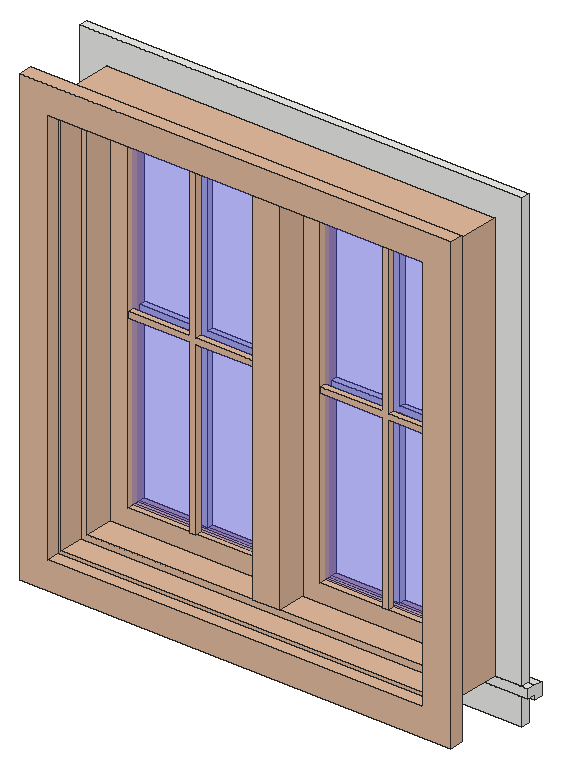
Revit family "M_Janela-Batente-Duplo", category Janelas, Revit 2019
Family settings
  Hospedeiro = Parede
  Número OmniClass = 23.30.20.17.21.14
  Título OmniClass = Casement Windows
  Sempre na vertical = Sim
  Corte com vazios quando carregada = Não
  Compartilhado = Não
  Ponto de cálculo do ambiente = Não
Parameters (values of type "850 x 900mm")
  Extensão do quadro [instance] = if(Visibilidade da apara externa, Janela aplicada + 6.35 mm, 6.35 mm)  # 6.35 mm
  Janela aplicada [instance] = 0 mm
  Espessura da parede [instance] = 150 mm
  Fechamento da parede interior [instance] = 54.75 mm
  Material da apara interior = Madeira – Manchada
  Meia largura = Largura / 2  # 425 mm
  Visual Light Transmittance = 0.81
  Resistência térmica (R) = 0.319569 (m²·K)/W
  Solar Heat Gain Coefficient = 0.76
  Largura bruta = Largura + 15 mm  # 865 mm
  Altura bruta = Altura + 15 mm  # 915 mm
  Visibilidade do montante = yes
  Padrão do montante = M_Padrão do montante_2x2 : M_Padrão do montante_2x2
  Visibilidade do recorte interior [instance] = yes
  Recorte interior = M_Moldura-janela-interior-plana : Quadro
  Altura = 900 mm
  Material da moldura interior = Madeira – Manchada
  Coeficiente de transferência de calor (U) = 3.12929 W/(m²·K)
  Material do painel de vidro = Vidro
  Classificação de incêndio = "0.5h"
  Fechamento da parede externa [instance] = 31.8 mm
  Visibilidade da apara externa [instance] = yes
  Material da apara externa = Revestimento – Branco
  Apara externa = M_Recorte-Janela-Exterior-Plana : com peitoril
  Material da moldura exterior = Revestimento – Branco
  Visibilidade do umbral da extensão [instance] = and(Visibilidade do recorte interior, Espessura da parede - Janela aplicada > 95.25 mm)  # yes
  Umbral da extensão [instance] = if(Espessura da parede - Janela aplicada > 95.25 mm, Espessura da parede - Janela aplicada - 95.25 mm, 25.4 mm)  # 54.75 mm
  Altura-padrão do peitoril = 900 mm
  Fechamento da parede = Por hospedeiro
  Largura = 850 mm
  Código de montagem = "B2020100"
  Construção analítica = "Vidraça dupla – residencial"
Reference planes
  plane 1 "Centro (Frente/Trás)": y = 0
  plane 2: z = 0
  plane 3 "Centro (Esquerda/Direita)": x = 0
  plane 4 "Esquerda": x = -425
  plane 5 "Direita": x = 425
  plane 6 "Peitoril": z = 900
  plane 7 "Superior": z = 1800
  plane 8 "Inset Face": y = 75
  plane 9 "Fechamento da parede": y = -20.25
  plane 10 "Face do caixilho": y = 87.7
  plane 11 "Exterior": y = 75
  plane 12: x = 412.3
  plane 13: x = -412.3
  plane 14: z = 1787.3
  plane 15: z = 912.7
  plane 16: x = 355.15
  plane 17: x = -355.15
  plane 18: z = 1730.15
  plane 19: z = 969.85
  plane 20: x = 9.525
  plane 21: x = -9.525
  plane 22: y = 55.95
  plane 23 "Vidro": y = 65.475
  plane 24 "Meio": z = 1350
  plane 25: y = 94.05
  plane 26: y = 94.05
  plane 27 "Interior": y = -75
  plane 28 "Umbral": y = -20.25
  plane 29: x = -30.163
  plane 30: x = 30.162
  plane 31: x = 66.675
  plane 32: x = -66.675
  plane 33: y = -20.25
  plane 34: y = 43.2
  plane 35: y = 94.05
Forms (mm)
  Sweep 1, solid, material "Madeira – Manchada" <- "Material da moldura interior"
    path origin (0, 87.7, 0) x (-1, 0, 0) y (0, 0, 1)
      loop
        line (-425, 900) -> (425, 900) -> (425, 1800) -> (-425, 1800) -> (-425, 900)
    profile origin (425, 87.7, 1350) x (1, 0, 0) y (0, 1, 0)
      loop
        line (0, 6.35) -> (-12.7, 6.35) -> (-12.7, -44.45) -> (-31.75, -44.45) -> (-31.75, -107.95) -> (0, -107.95) -> (0, 6.35)
  Extrusion 2, solid, material "Madeira – Manchada" <- "Material da moldura interior", visible <- "Visibilidade do umbral da extensão"
    sketch origin (0, 0, 0) x (1, 0, 0) y (0, 0, 1)
      loop
        line (425, 1800) -> (-425, 1800) -> (-425, 900) -> (425, 900) -> (425, 1800)
      loop
        line (405.95, 919.05) -> (405.95, 1780.95) -> (-405.95, 1780.95) -> (-405.95, 919.05) -> (405.95, 919.05)
    from 20.25 to 75
  Sweep 3, solid, material "Madeira – Manchada" <- "Material da moldura interior"
    path origin (0, 87.7, 0) x (-1, 0, 0) y (0, 0, 1)
      loop
        line (-412.3, 1787.3) -> (-412.3, 912.7) -> (-9.525, 912.7) -> (-9.525, 1787.3) -> (-412.3, 1787.3)
    profile origin (412.3, 87.7, 1350) x (0, 1, 0) y (-1, 0, 0)
      loop
        line (0, 0) -> (0, 57.15) -> (-44.45, 57.15) -> (-44.45, 0) -> (0, 0)
  Sweep 4, solid, material "Madeira – Manchada" <- "Material da moldura interior"
    path origin (0, 87.7, 0) x (-1, 0, 0) y (0, 0, 1)
      loop
        line (9.525, 912.7) -> (412.3, 912.7) -> (412.3, 1787.3) -> (9.525, 1787.3) -> (9.525, 912.7)
    profile origin (-9.525, 87.7, 1350) x (1, 0, 0) y (0, 1, 0)
      loop
        line (0, 0) -> (-57.15, 0) -> (-57.15, -44.45) -> (0, -44.45) -> (0, 0)
  Extrusion 5, solid, material "Vidro"
    sketch origin (0, 0, 900) x (0, -1, 0) y (1, 0, 0)
      loop
        line (-75, 66.675) -> (-68.65, 66.675) -> (-68.65, 355.15) -> (-75, 355.15) -> (-75, 66.675)
      loop
        line (-55.95, 355.15) -> (-62.3, 355.15) -> (-62.3, 66.675) -> (-55.95, 66.675) -> (-55.95, 355.15)
    from 69.85 to 830.15
  Extrusion 6, solid, material "Vidro"
    sketch origin (-701.675, 0, 900) x (0, -1, 0) y (1, 0, 0)
      loop
        line (-75, 346.525) -> (-68.65, 346.525) -> (-68.65, 635) -> (-75, 635) -> (-75, 346.525)
      loop
        line (-55.95, 635) -> (-62.3, 635) -> (-62.3, 346.525) -> (-55.95, 346.525) -> (-55.95, 635)
    from 69.85 to 830.15
  Extrusion 7, solid, material "Madeira – Manchada" <- "Material da moldura interior"
    sketch origin (0, 0, 900) x (0, -1, 0) y (1, 0, 0)
      loop
        line (-94.05, -9.525) -> (-43.25, -9.525) -> (-43.25, -30.163) -> (20.25, -30.163) -> (20.25, 30.162) -> (-43.25, 30.162) -> (-43.25, 9.525) -> (-94.05, 9.525) -> (-94.05, -9.525)
    from 12.7 to 887.3
  Extrusion 8, void
    sketch origin (0, 0, 0) x (1, 0, 0) y (0, 0, 1)
      loop
        line (30.162, 931.75) -> (-30.163, 931.75) -> (-30.163, 912.7) -> (30.162, 912.7) -> (30.162, 931.75)
      loop
        line (30.162, 1768.25) -> (30.162, 1787.3) -> (-30.163, 1787.3) -> (-30.163, 1768.25) -> (30.162, 1768.25)
    from -43.25 to 20.25
Cuts and joins
  Extrusion 8 cuts Extrusion 7
Lines and regions (mm)
  Opening 1
    outline origin (-1524, -75, 0) x (1, 0, 0) y (0, 0, 1)
      loop
        line (1099, 1800) -> (1099, 900) -> (1949, 900) -> (1949, 1800) -> (1099, 1800)
  Split face 1
    outline origin (355.15, 87.7, 969.85) x (-1, 0, 0) y (0, -1, 0)
      loop
        line (288.475, 12.7) -> (0, 12.7)
  Split face 2
    outline origin (355.15, 87.7, 1730.15) x (0, 0, -1) y (0, -1, 0)
      loop
        line (0, 12.7) -> (760.3, 12.7)
  Split face 3
    outline origin (66.675, 87.7, 969.85) x (0, 0, 1) y (0, -1, 0)
      loop
        line (760.3, 12.7) -> (0, 12.7)
  Split face 4
    outline origin (66.675, 87.7, 1730.15) x (0, -1, 0) y (1, 0, 0)
      loop
        line (12.7, 0) -> (12.7, 288.475)
  Split face 5
    outline origin (-355.15, 43.25, 969.85) x (1, 0, 0) y (0, 1, 0)
      loop
        line (0, 31.75) -> (288.475, 31.75)
  Split face 6
    outline origin (-66.675, 43.25, 969.85) x (0, 0, 1) y (0, 1, 0)
      loop
        line (760.3, 31.75) -> (0, 31.75)
  Split face 7
    outline origin (-355.15, 43.25, 1730.15) x (0, 0, -1) y (0, 1, 0)
      loop
        line (760.3, 31.75) -> (0, 31.75)
  Split face 8
    outline origin (-66.675, 43.25, 1730.15) x (0, 1, 0) y (-1, 0, 0)
      loop
        line (31.75, 288.475) -> (31.75, 0)
  symbolic lines, style "Giro da elevação"
    curve 1: line (9.525, 0, 1787.3) -> (412.3, 0, 1350)
    curve 2: line (412.3, 0, 1350) -> (9.525, 0, 912.7)
    curve 3: line (-9.525, 0, 1787.3) -> (-412.3, 0, 1350)
    curve 4: line (-412.3, 0, 1350) -> (-9.525, 0, 912.7)
Text (mm)
  text "EXTERIOR" at (-1490.695, 1293.036, 0), in view "Nível de referência"
  text "INTERIOR" at (-1490.695, -959.266, 0), in view "Nível de referência"
  text "Exterior" at (0, 1108.87, 3129.179), in view "Esquerda"
  text "Exterior" at (0, 464.664, 3176.206), in view "Direita"
Dimensions and locks
  equal spacing: plane 4 "Esquerda", plane 3 "Centro (Esquerda/Direita)", plane 5 "Direita"
  "Largura": plane 4 "Esquerda" to plane 5 "Direita"
  "Altura": plane 6 "Peitoril" to plane 7 "Superior"
  "Altura-padrão do peitoril": plane 2 to plane 6 "Peitoril"
  locked: plane 10 "Face do caixilho" to plane 8 "Inset Face" at 12.7
  "Espessura da parede": host wall to host wall
  "Janela aplicada": plane 11 "Exterior" to plane 8 "Inset Face"
  locked: Sweep 1 sketch curve to plane 5 "Direita" at 31.75
  locked: Sweep 1 sketch curve to plane 5 "Direita" at 12.7
  locked: plane 10 "Face do caixilho" to Sweep 1 sketch curve at 44.45
  locked: plane 12 to plane 5 "Direita" at 12.7
  locked: plane 4 "Esquerda" to plane 13 at 12.7
  locked: plane 14 to plane 7 "Superior" at 12.7
  locked: plane 6 "Peitoril" to plane 15 at 12.7
  locked: plane 16 to plane 12 at 57.15
  locked: plane 13 to plane 17 at 57.15
  locked: plane 18 to plane 14 at 57.15
  locked: plane 15 to plane 19 at 57.15
  locked: Extrusion 2 sketch curve to plane 7 "Superior" at 19.05
  locked: Extrusion 2 sketch curve to plane 5 "Direita" at 19.05
  locked: Extrusion 2 sketch curve to plane 4 "Esquerda" at 19.05
  locked: plane 6 "Peitoril" to Extrusion 2 sketch curve at 19.05
  equal spacing: plane 21, plane 3 "Centro (Esquerda/Direita)", plane 20
  locked: plane 21 to plane 20 at 19.05
  plane 22 to Sweep 3 = 12.7 mm
  equal spacing: plane 8 "Inset Face", plane 23 "Vidro", plane 22
  locked: plane 8 "Inset Face" to plane 22 at 19.05
  equal spacing: plane 6 "Peitoril", plane 24 "Meio", plane 7 "Superior"
  locked: plane 25 to plane 11 "Exterior" at 19.05
  locked: plane 26 to plane 10 "Face do caixilho" at 6.35
  "Umbral da extensão": plane 28 "Umbral" to plane 27 "Interior"
  locked: plane 8 "Inset Face" to plane 9 "Fechamento da parede" at 95.25
  equal spacing: plane 29, plane 3 "Centro (Esquerda/Direita)", plane 30
  locked: plane 29 to plane 30 at 60.325
  Extrusion 2 to Extrusion 8 = 887.3 mm
  locked: plane 30 to plane 31 at 36.512
  locked: plane 29 to plane 32 at 36.513
  "Fechamento da parede interior": plane 33 to plane 27 "Interior"
  "Fechamento da parede externa": plane 11 "Exterior" to plane 34
  "Extensão do quadro": plane 35 to plane 10 "Face do caixilho"
  aligned and locked: plane 7 "Superior" to Opening 1 sketch curve
  aligned and locked: plane 6 "Peitoril" to Opening 1 sketch curve  (x2)
  aligned and locked: plane 5 "Direita" to Opening 1 sketch curve
  aligned and locked: plane 4 "Esquerda" to Opening 1 sketch curve
  aligned and locked: level to plane 2
  aligned and locked: host wall to plane 11 "Exterior"
  aligned and locked: plane 5 "Direita" to Sweep 1 sketch curve
  aligned and locked: plane 7 "Superior" to Sweep 1 sketch curve
  aligned and locked: Sweep 1 sketch curve to plane 4 "Esquerda"
  aligned and locked: Sweep 1 sketch curve to plane 6 "Peitoril"
  aligned and locked: Extrusion 2 sketch curve to host wall  (x3)
  aligned and locked: plane 7 "Superior" to Extrusion 2 sketch curve
  aligned and locked: host wall to Extrusion 2
  aligned and locked: Sweep 3 sketch curve to plane 12
  aligned and locked: plane 14 to Sweep 3 sketch curve
  aligned and locked: Sweep 3 sketch curve to plane 15
  aligned and locked: plane 16 to Sweep 3 sketch curve
  aligned and locked: plane 10 "Face do caixilho" to Sweep 3 sketch curve
  aligned and locked: plane 20 to Sweep 3 sketch curve
  aligned and locked: plane 21 to Sweep 4 sketch curve
  aligned and locked: plane 15 to Sweep 4 sketch curve
  aligned and locked: Sweep 4 sketch curve to plane 13
  aligned and locked: Sweep 4 sketch curve to plane 14
  aligned and locked: Split face 1 sketch curve to plane 8 "Inset Face"
  aligned and locked: plane 8 "Inset Face" to Split face 2 sketch curve
  aligned and locked: plane 8 "Inset Face" to Split face 3 sketch curve
  aligned and locked: Split face 4 sketch curve to plane 8 "Inset Face"
  aligned and locked: Extrusion 5 sketch curve to plane 8 "Inset Face"
  aligned and locked: plane 16 to Extrusion 5 sketch curve
  aligned and locked: Sweep 3 to Extrusion 5 sketch curve
  aligned and locked: Extrusion 5 sketch curve to plane 22
  aligned and locked: Extrusion 5 sketch curve to plane 16
  aligned and locked: Extrusion 5 sketch curve to Sweep 3
  aligned and locked: plane 18 to Extrusion 5
  aligned and locked: Extrusion 5 to plane 19
  aligned and locked: Extrusion 6 sketch curve to plane 8 "Inset Face"
  aligned and locked: plane 22 to Extrusion 6 sketch curve
  aligned and locked: Sweep 4 to Extrusion 6 sketch curve  (x2)
  aligned and locked: Extrusion 6 sketch curve to plane 17  (x2)
  aligned and locked: plane 19 to nested 1
  aligned and locked: nested 1 to plane 23 "Vidro"
  aligned and locked: plane 23 "Vidro" to nested 2
  aligned and locked: nested 2 to plane 19
  aligned and locked: plane 24 "Meio" to curve 2
  aligned and locked: plane 24 "Meio" to curve 4
  aligned and locked: plane 14 to curve 1
  aligned and locked: plane 14 to curve 3
  aligned and locked: plane 15 to curve 2
  aligned and locked: plane 15 to curve 4
  aligned and locked: plane 18 to Extrusion 6
  aligned and locked: Split face 5 sketch curve to Extrusion 6
  aligned and locked: plane 8 "Inset Face" to Split face 6 sketch curve
  aligned and locked: Split face 7 sketch curve to plane 8 "Inset Face"
  aligned and locked: Split face 8 sketch curve to plane 8 "Inset Face"
  aligned and locked: plane 27 "Interior" to host wall
  aligned and locked: plane 28 "Umbral" to Extrusion 2
  aligned and locked: plane 9 "Fechamento da parede" to Sweep 1
  aligned and locked: Extrusion 7 sketch curve to plane 26
  aligned and locked: Extrusion 7 to Sweep 1
  aligned and locked: Sweep 1 to Extrusion 8 sketch curve
  aligned and locked: plane 30 to Extrusion 8 sketch curve
  aligned and locked: Extrusion 8 sketch curve to Extrusion 7
  aligned and locked: Extrusion 7 to Extrusion 8 sketch curve
  aligned and locked: Extrusion 8 to Sweep 1
  aligned and locked: Sweep 1 to Extrusion 8
  aligned and locked: plane 9 "Fechamento da parede" to Extrusion 7 sketch curve
  aligned and locked: plane 14 to cut or joined group of Extrusion 7, Extrusion 8
  aligned and locked: nested 3 to plane 11 "Exterior"
  aligned and locked: plane 27 "Interior" to nested 3
  aligned and locked: nested 3 to plane 4 "Esquerda"
  aligned and locked: plane 3 "Centro (Esquerda/Direita)" to nested 4
  aligned and locked: nested 4 to plane 11 "Exterior"
  aligned and locked: nested 3 to plane 7 "Superior"
  aligned and locked: nested 4 to plane 7 "Superior"
  aligned and locked: nested 2 to plane 16
  aligned and locked: nested 1 to plane 17
  aligned and locked: plane 18 to nested 1
  aligned and locked: nested 2 to plane 18
  aligned and locked: nested 2 to plane 31
  aligned and locked: nested 1 to plane 32
  aligned and locked: plane 7 "Superior" to nested 6
  aligned and locked: plane 3 "Centro (Esquerda/Direita)" to nested 6
  aligned and locked: plane 7 "Superior" to nested 5
  aligned and locked: nested 5 to plane 3 "Centro (Esquerda/Direita)"
  aligned and locked: plane 35 to Sweep 1 sketch curve
Automatic sketch dimensions
  Sweep 3 sketch curve to profile plane = 0 mm
  Sweep 3 sketch curve to plane 10 "Face do caixilho" = 44.45 mm
  Sweep 4 sketch curve to plane 10 "Face do caixilho" = 0 mm
  Sweep 4 sketch curve to profile plane = 0 mm
  profile plane to Sweep 4 sketch curve = 57.15 mm
  Sweep 4 sketch curve to plane 10 "Face do caixilho" = 44.45 mm
  Split face 1 sketch curve to Sweep 3 = 0 mm  (x2)
  Sweep 3 to Split face 2 sketch curve = 0 mm
  Split face 2 sketch curve to Sweep 3 = 0 mm
  Split face 3 sketch curve to Sweep 3 = 0 mm
  Sweep 3 to Split face 3 sketch curve = 0 mm
  Split face 4 sketch curve to Sweep 3 = 0 mm  (x2)
  plane 23 "Vidro" to Extrusion 5 sketch curve = 3.175 mm
  Extrusion 5 sketch curve to plane 23 "Vidro" = 3.175 mm
  plane 23 "Vidro" to Extrusion 6 sketch curve = 3.175 mm
  Extrusion 6 sketch curve to plane 23 "Vidro" = 3.175 mm
  plane 13 to curve 4 = 0 mm
  plane 21 to curve 3 = 0 mm
  plane 21 to curve 4 = 0 mm
  plane 20 to curve 2 = 0 mm
  plane 20 to curve 1 = 0 mm
  plane 12 to curve 2 = 0 mm
  Split face 5 sketch curve to Sweep 4 = 0 mm  (x2)
  Split face 6 sketch curve to Sweep 4 = 0 mm
  Sweep 4 to Split face 6 sketch curve = 0 mm
  Sweep 4 to Split face 7 sketch curve = 0 mm
  Split face 7 sketch curve to Sweep 4 = 0 mm
  Split face 8 sketch curve to Sweep 4 = 0 mm  (x2)
  Extrusion 7 sketch curve to plane 29 = 0 mm
  Extrusion 7 sketch curve to plane 21 = 0 mm
  Extrusion 7 sketch curve to plane 20 = 0 mm
  Extrusion 7 sketch curve to plane 30 = 0 mm
  Extrusion 7 sketch curve to plane 22 = 12.7 mm  (x2)
  Extrusion 8 sketch curve to plane 14 = 0 mm
  Extrusion 8 sketch curve to plane 29 = 0 mm
  Extrusion 8 sketch curve to plane 30 = 0 mm
  Extrusion 8 sketch curve to plane 14 = 19.05 mm
  Sweep 1 sketch curve to profile plane = 0 mm
  Sweep 1 sketch curve to Sweep 1 sketch curve = 63.5 mm
Nested families
  nested 1: "M_Padrão do montante_2x2" at (-210.913, 65.475, 969.85), type <- "Padrão do montante", Material externo <- "Material da moldura exterior", Material interior <- "Material da moldura interior", visible <- "Visibilidade do montante", type "M_Padrão do montante_2x2"
    with Largura 288.475 mm, Material interior Madeira – Manchada, Altura 760.3 mm, Material externo Revestimento – Branco
  nested 2: "M_Padrão do montante_2x2" at (210.912, 65.475, 969.85) x (-1, 0, 0) z (0, 0, 1), type <- "Padrão do montante", Material externo <- "Material da moldura exterior", Material interior <- "Material da moldura interior", visible <- "Visibilidade do montante", type "M_Padrão do montante_2x2"
    with Largura 288.475 mm, Material interior Madeira – Manchada, Altura 760.3 mm, Material externo Revestimento – Branco
  nested 3: "M_Plano-Batente" at (-212.5, 75, 900), Largura <- "Meia largura", Altura <- "Altura", Janela aplicada <- "Janela aplicada", Espessura da parede <- "Espessura da parede", type "M_Plano-Batente"
    with Janela aplicada de 3D 0 mm, Janela aplicada 0 mm, Largura 425 mm, Espessura da parede 150 mm, Linha superior yes, Linha à direita no, RH no, Linha à esquerda yes, LH yes, Altura 900 mm, Linha inferior yes
  nested 4: "M_Plano-Batente" at (212.5, 75, 900), Largura <- "Meia largura", Altura <- "Altura", Espessura da parede <- "Espessura da parede", Janela aplicada <- "Janela aplicada", type "M_Plano-Batente"
    with Janela aplicada de 3D 0 mm, Janela aplicada 0 mm, Largura 425 mm, Espessura da parede 150 mm, Linha superior yes, Linha à direita yes, RH yes, Linha à esquerda no, LH no, Altura 900 mm, Linha inferior yes
  nested 5: "M_Recorte-Janela-Exterior-Plana" at (0, 75, 1800) x (-1, 0, 0) z (0, 1, 0), visible <- "Visibilidade da apara externa", Material da apara <- "Material da apara externa", Largura da abertura <- "Largura", Altura da abertura <- "Altura", type <- "Apara externa", type "com peitoril"
    with Material da apara Revestimento – Branco, Largura da abertura 850 mm, Altura da abertura 900 mm
  nested 6: "M_Moldura-janela-interior-plana" at (0, -75, 1800) x (1, 0, 0) z (0, -1, 0), visible <- "Visibilidade do recorte interior", Material da apara <- "Material da apara interior", Largura da abertura <- "Largura", Altura da abertura <- "Altura", type <- "Recorte interior", type "Quadro"
    with Material da apara Madeira – Manchada, Largura da abertura 850 mm, Altura da abertura 900 mm
Definition of nested family "M_Padrão do montante_2x2"
  Parameters (values of type "M_Padrão do montante_2x2")
    Largura [instance] = 1200 mm
    Espessura = 12.7 mm
    Altura [instance] = 1200 mm
    Material interior [instance] = none
    Material externo [instance] = none
    Distância = 19.05 mm
  Reference planes
    plane 1 "Centro (Frente/Trás)": y = 0
    plane 2: z = 0
    plane 3 "Centro (Esquerda/Direita)": x = 0
    plane 4: z = 1200
    plane 5: x = -600
    plane 6: x = 600
    plane 7: z = 600
    plane 8: y = 9.525
    plane 9: y = 22.225
    plane 10: y = -9.525
    plane 11: y = -22.225
  Forms (mm)
    Extrusion 1, solid, material <- "Material interior", detail levels fine
      sketch origin (0, 0, 0) x (1, 0, 0) y (0, 0, 1)
        loop
          line (-600, 606.35) -> (-600, 593.65) -> (-6.35, 593.65) -> (-6.35, 0) -> (6.35, 0) -> (6.35, 593.65) -> (600, 593.65) -> (600, 606.35) -> (6.35, 606.35) -> (6.35, 1200) -> (-6.35, 1200) -> (-6.35, 606.35) -> (-600, 606.35)
      from 9.525 to 22.225
    Extrusion 2, solid, material <- "Material externo", detail levels fine
      sketch origin (0, 0, 0) x (1, 0, 0) y (0, 0, -1)
        loop
          line (-600, -606.35) -> (-6.35, -606.35) -> (-6.35, -1200) -> (6.35, -1200) -> (6.35, -606.35) -> (600, -606.35) -> (600, -593.65) -> (6.35, -593.65) -> (6.35, 0) -> (-6.35, 0) -> (-6.35, -593.65) -> (-600, -593.65) -> (-600, -606.35)
      from 9.525 to 22.225
  Lines and regions (mm)
    model lines, detail levels medium
      curve 1: line (0, 9.525, 1200) -> (0, 9.525, 0)
      curve 2: line (-600, -9.525, 600) -> (600, -9.525, 600)
      curve 3: line (-600, 9.525, 600) -> (600, 9.525, 600)
      curve 4: line (0, -9.525, 1200) -> (0, -9.525, 0)
  Dimensions and locks
    equal spacing: plane 6, plane 3 "Centro (Esquerda/Direita)", plane 5
    "Largura": plane 6 to plane 5
    "Altura": plane 4 to plane 2
    equal spacing: plane 4, plane 7, plane 2
    locked: plane 3 "Centro (Esquerda/Direita)" to Extrusion 1 sketch curve at 6.35  (x4)
    locked: Extrusion 1 sketch curve to plane 7 at 6.35  (x2)
    locked: plane 7 to Extrusion 1 sketch curve at 6.35  (x2)
    "Espessura": plane 9 to plane 8
    "Espessura": plane 10 to plane 11
    "Distância": plane 8 to plane 10
    equal spacing: plane 8, plane 1 "Centro (Frente/Trás)", plane 10
    aligned and locked: plane 2 to level
    aligned and locked: plane 4 to curve 1
    aligned and locked: plane 5 to curve 2
    aligned and locked: plane 2 to curve 1
    aligned and locked: plane 6 to curve 2
    aligned and locked: Extrusion 1 sketch curve to plane 4
    aligned and locked: Extrusion 1 sketch curve to plane 6
    aligned and locked: Extrusion 1 sketch curve to plane 5
    aligned and locked: Extrusion 1 sketch curve to level
    aligned and locked: Extrusion 1 to plane 11
    aligned and locked: plane 10 to Extrusion 1
    aligned and locked: Extrusion 2 to plane 5
    aligned and locked: plane 6 to Extrusion 2
    aligned and locked: Extrusion 2 to plane 8
    aligned and locked: plane 9 to Extrusion 2
    aligned and locked: Extrusion 2 to plane 2
    aligned and locked: plane 4 to Extrusion 2
    aligned and locked: plane 5 to curve 3
    aligned and locked: plane 6 to curve 3
    aligned and locked: plane 4 to curve 4
    aligned and locked: plane 2 to curve 4
    aligned and locked: plane 8 to curve 3
  Automatic sketch dimensions
    curve 2 to plane 7 = 0 mm
    Extrusion 2 sketch curve to plane 5 = 0 mm
    Extrusion 2 sketch curve to level = 0 mm
    Extrusion 2 sketch curve to plane 4 = 0 mm
    Extrusion 2 sketch curve to plane 6 = 0 mm
    Extrusion 2 sketch curve to plane 3 "Centro (Esquerda/Direita)" = 6.35 mm  (x2)
    plane 3 "Centro (Esquerda/Direita)" to Extrusion 2 sketch curve = 6.35 mm  (x2)
    plane 7 to Extrusion 2 sketch curve = 6.35 mm  (x2)
    Extrusion 2 sketch curve to plane 7 = 6.35 mm  (x2)
    curve 4 to plane 3 "Centro (Esquerda/Direita)" = 0 mm
    curve 4 to level = 0 mm
    curve 4 to plane 4 = 0 mm
    curve 3 to plane 6 = 0 mm
    curve 1 to plane 3 "Centro (Esquerda/Direita)" = 0 mm
    curve 3 to plane 5 = 0 mm
    curve 3 to plane 7 = 0 mm
Definition of nested family "M_Recorte-Janela-Exterior-Plana"
  Parameters (values of type "com peitoril")
    Largura da apara = 60 mm
    Espessura da apara_Quadro = 30 mm
    Espessura da apara_com peitoril = 19.05 mm
    Material da apara [instance] = none
    Espessura do peitoril = 30 mm
    Peitoril = yes
    Quadro = no
    Largura da abertura [instance] = 600 mm
    Altura da abertura [instance] = 900 mm
    Default Elevation = 1200 mm
  Types (2, lengths in mm): name | Peitoril | Quadro
    com peitoril | yes | no
    Quadro | no | yes
  Reference planes
    plane 1 "Centro (Frente/Trás)": y = 0
    plane 2: z = 0
    plane 3 "Centro (Esquerda/Direita)": x = 0
    plane 4: y = 60
    plane 5 "Esquerda": x = -300
    plane 6 "Direita": x = 300
    plane 7 "Inferior": y = -900
    plane 8: y = -930
    plane 9: y = -980.432
    plane 10: x = 360
    plane 11: x = -360
    plane 12: z = 19.05
    plane 13: z = 30
    plane 14: x = 372.7
    plane 15: x = -372.7
    plane 16: y = -920.432
    plane 17: y = -960
    plane 18: z = 12.7
    plane 19: y = -450
    plane 20: z = 38.1
  Forms (mm)
    Extrusion 1, solid
      sketch origin (0, 0, 0) x (1, 0, 0) y (0, 1, 0)
        loop
          line (-361.95, 57.15) -> (-361.95, -993.732) -> (361.95, -993.732) -> (361.95, 57.15) -> (-361.95, 57.15)
      from 0 to -304.8
    Extrusion 2, solid, material <- "Material da apara", visible <- "Peitoril"
      sketch origin (0, 0, 0) x (1, 0, 0) y (0, 1, 0)
        loop
          line (-360, -900) -> (-300, -900) -> (-300, 0) -> (300, 0) -> (300, -900) -> (360, -900) -> (360, 60) -> (-360, 60) -> (-360, -900)
      from 0 to 19.05
    Extrusion 3, solid, material <- "Material da apara", visible <- "Peitoril"
      sketch origin (0, 0, 0) x (0, 1, 0) y (0, 0, 1)
        loop
          line (-902.458, 38.1) -> (-930, 38.1) -> (-930, 19.05) -> (-920.432, 19.05) -> (-920.432, 0) -> (-900, 0) -> (-900, 19.05) -> (-902.458, 38.1)
      from -372.7 to 372.7
    Extrusion 4, solid, material <- "Material da apara", visible <- "Peitoril"
      sketch origin (0, 0, 0) x (1, 0, 0) y (0, 1, 0)
        loop
          line (-360, -920.432) -> (-360, -980.432) -> (360, -980.432) -> (360, -920.432) -> (-360, -920.432)
      from 0 to 19.05
    Extrusion 5, solid, material <- "Material da apara", visible <- "Quadro"
      sketch origin (0, 0, 0) x (1, 0, 0) y (0, 1, 0)
        loop
          line (-300, 0) -> (-300, -900) -> (300, -900) -> (300, 0) -> (-300, 0)
        loop
          line (-360, 60) -> (-360, -960) -> (360, -960) -> (360, 60) -> (-360, 60)
      from 0 to 30
  Dimensions and locks
    equal spacing: plane 5 "Esquerda", plane 3 "Centro (Esquerda/Direita)", plane 6 "Direita"
    "Largura da abertura": plane 5 "Esquerda" to plane 6 "Direita"
    "Altura da abertura": plane 7 "Inferior" to plane 1 "Centro (Frente/Trás)"
    "Espessura do peitoril": plane 7 "Inferior" to plane 8
    "Largura da apara": plane 11 to plane 5 "Esquerda"
    "Largura da apara": plane 6 "Direita" to plane 10
    "Largura da apara": plane 1 "Centro (Frente/Trás)" to plane 4
    locked: plane 15 to plane 11 at 12.7
    locked: plane 10 to plane 14 at 12.7
    locked: plane 16 to plane 8 at 9.568
    "Largura da apara": plane 9 to plane 16
    "Largura da apara": plane 17 to plane 7 "Inferior"
    locked: plane 18 to plane 2 at 12.7
    equal spacing: plane 7 "Inferior", plane 19, plane 1 "Centro (Frente/Trás)"
    locked: plane 20 to plane 12 at 19.05
    "Espessura da apara_com peitoril": plane 12 to plane 2
    "Espessura da apara_Quadro": plane 13 to plane 2
    aligned and locked: plane 2 to Extrusion 1
    aligned and locked: level to Extrusion 1
    aligned and locked: Extrusion 2 sketch curve to plane 5 "Esquerda"
    aligned and locked: Extrusion 2 sketch curve to plane 11
    aligned and locked: plane 7 "Inferior" to Extrusion 2 sketch curve  (x2)
    aligned and locked: plane 1 "Centro (Frente/Trás)" to Extrusion 2 sketch curve
    aligned and locked: plane 10 to Extrusion 2 sketch curve
    aligned and locked: Extrusion 2 sketch curve to plane 6 "Direita"
    aligned and locked: plane 12 to Extrusion 2
    aligned and locked: Extrusion 3 sketch curve to level
    aligned and locked: plane 7 "Inferior" to Extrusion 3 sketch curve
    aligned and locked: Extrusion 3 sketch curve to plane 8
    aligned and locked: plane 15 to Extrusion 3
    aligned and locked: Extrusion 3 to plane 14
    aligned and locked: plane 10 to Extrusion 4 sketch curve
    aligned and locked: Extrusion 4 sketch curve to plane 11
    aligned and locked: plane 16 to Extrusion 4 sketch curve
    aligned and locked: plane 9 to Extrusion 4 sketch curve
    aligned and locked: Extrusion 4 to Extrusion 2
    aligned and locked: Extrusion 2 sketch curve to plane 4
    aligned and locked: plane 1 "Centro (Frente/Trás)" to Extrusion 5 sketch curve
    aligned and locked: Extrusion 5 sketch curve to plane 4
    aligned and locked: Extrusion 5 sketch curve to plane 17
    aligned and locked: plane 7 "Inferior" to Extrusion 5 sketch curve
    aligned and locked: Extrusion 5 sketch curve to plane 6 "Direita"
    aligned and locked: plane 10 to Extrusion 5 sketch curve
    aligned and locked: Extrusion 5 sketch curve to plane 5 "Esquerda"
    aligned and locked: Extrusion 5 sketch curve to plane 11
    aligned and locked: plane 13 to Extrusion 5
    aligned and locked: plane 20 to Extrusion 3
  Automatic sketch dimensions
    Extrusion 1 sketch curve to Extrusion 1 sketch curve = 723.9 mm
    Extrusion 1 sketch curve to Extrusion 1 sketch curve = 1050.882 mm
    Extrusion 3 sketch curve to plane 16 = 0 mm
    Extrusion 3 sketch curve to plane 12 = 0 mm  (x2)
    Extrusion 3 sketch curve to plane 7 "Inferior" = 2.458 mm
    plane 13 to Extrusion 3 sketch curve = 8.1 mm
Definition of nested family "M_Moldura-janela-interior-plana"
  Parameters (values of type "com peitoril")
    Espessura da apara_Quadro = 30 mm
    Largura da apara = 60 mm
    Espessura da apara_com peitoril = 20 mm
    Material da apara [instance] = none
    Espessura do peitoril = 30 mm
    Peitoril = yes
    Quadro = no
    Largura da abertura [instance] = 600 mm
    Altura da abertura [instance] = 900 mm
    Default Elevation = 1200 mm
  Types (2, lengths in mm): name | Peitoril | Quadro
    com peitoril | yes | no
    Quadro | no | yes
  Reference planes
    plane 1 "Centro (Frente/Trás)": y = 0
    plane 2: z = 0
    plane 3 "Centro (Esquerda/Direita)": x = 0
    plane 4: y = 47.3
    plane 5 "Esquerda": x = -300
    plane 6 "Direita": x = 300
    plane 7 "Inferior": y = -900
    plane 8: y = -930
    plane 9: y = -980.432
    plane 10: x = 347.3
    plane 11: x = -347.3
    plane 12: z = 20
    plane 13: z = 30
    plane 14: x = 360
    plane 15: x = -360
    plane 16: y = -920.432
    plane 17: y = -947.3
    plane 18: z = 12.7
    plane 19: x = -287.3
    plane 20: y = -12.7
    plane 21: x = 287.3
    plane 22: y = -887.3
    plane 23: x = -334.6
    plane 24: x = 334.6
    plane 25: y = -450
  Forms (mm)
    Extrusion 1, solid
      sketch origin (0, 0, 0) x (1, 0, 0) y (0, 1, 0)
        loop
          line (-349.25, 44.45) -> (-349.25, -958.85) -> (349.25, -958.85) -> (349.25, 44.45) -> (-349.25, 44.45)
      from 0 to -304.8
    Extrusion 2, solid, material <- "Material da apara", visible <- "Peitoril"
      sketch origin (0, 0, 0) x (1, 0, 0) y (0, 1, 0)
        loop
          line (-334.6, -900) -> (-287.3, -900) -> (-287.3, 0) -> (287.3, 0) -> (287.3, -900) -> (334.6, -900) -> (334.6, 47.3) -> (-334.6, 47.3) -> (-334.6, -900)
      from 0 to 20
    Extrusion 3, solid, material <- "Material da apara", visible <- "Peitoril"
      sketch origin (0, 0, 0) x (0, 1, 0) y (0, 0, 1)
        loop
          line (-912.7, 39.05) -> (-920.432, 39.05) -> (-920.432, 0) -> (-900, 0) -> (-900, 26.35)
          arc (-900, 26.35) -> (-903.72, 35.33) -> (-912.7, 39.05) r 12.7
      from -347.3 to 347.3
    Extrusion 4, solid, material <- "Material da apara", visible <- "Peitoril"
      sketch origin (0, 0, 0) x (1, 0, 0) y (0, 1, 0)
        loop
          line (-334.6, -920.432) -> (-334.6, -980.432) -> (334.6, -980.432) -> (334.6, -920.432) -> (-334.6, -920.432)
      from 0 to 20
    Extrusion 5, solid, material <- "Material da apara", visible <- "Quadro"
      sketch origin (0, 0, 0) x (1, 0, 0) y (0, 1, 0)
        loop
          line (-287.3, -12.7) -> (-287.3, -887.3) -> (287.3, -887.3) -> (287.3, -12.7) -> (-287.3, -12.7)
        loop
          line (-347.3, 47.3) -> (-347.3, -947.3) -> (347.3, -947.3) -> (347.3, 47.3) -> (-347.3, 47.3)
      from 0 to 30
  Dimensions and locks
    equal spacing: plane 5 "Esquerda", plane 3 "Centro (Esquerda/Direita)", plane 6 "Direita"
    "Largura da abertura": plane 5 "Esquerda" to plane 6 "Direita"
    "Altura da abertura": plane 7 "Inferior" to plane 1 "Centro (Frente/Trás)"
    "Espessura do peitoril": plane 7 "Inferior" to plane 8
    "Largura da apara": plane 11 to plane 19
    "Largura da apara": plane 21 to plane 10
    "Largura da apara": plane 20 to plane 4
    "Espessura da apara_com peitoril": plane 12 to plane 2
    locked: plane 15 to plane 11 at 12.7
    locked: plane 10 to plane 14 at 12.7
    locked: plane 16 to plane 8 at 9.568
    "Largura da apara": plane 9 to plane 16
    "Largura da apara": plane 17 to plane 22
    plane 20 to plane 1 "Centro (Frente/Trás)" = 12.7 mm
    plane 5 "Esquerda" to plane 19 = 12.7 mm
    plane 21 to plane 6 "Direita" = 12.7 mm
    plane 22 to plane 7 "Inferior" = 12.7 mm
    locked: plane 11 to plane 23 at 12.7
    locked: plane 24 to plane 10 at 12.7
    equal spacing: plane 7 "Inferior", plane 25, plane 1 "Centro (Frente/Trás)"
    "Espessura da apara_Quadro": plane 13 to plane 2
    locked: Extrusion 3 to plane 12 at 19.05
    locked: plane 12 to Extrusion 3 sketch curve at 19.05
    radius of Extrusion 3 sketch curve = 12.7 mm
    aligned and locked: plane 2 to Extrusion 1
    aligned and locked: level to Extrusion 1
    aligned and locked: plane 7 "Inferior" to Extrusion 2 sketch curve  (x2)
    aligned and locked: plane 1 "Centro (Frente/Trás)" to Extrusion 2 sketch curve
    aligned and locked: plane 12 to Extrusion 2
    aligned and locked: Extrusion 3 sketch curve to level
    aligned and locked: plane 7 "Inferior" to Extrusion 3 sketch curve
    aligned and locked: plane 16 to Extrusion 4 sketch curve
    aligned and locked: plane 9 to Extrusion 4 sketch curve
    aligned and locked: Extrusion 2 sketch curve to plane 4
    aligned and locked: Extrusion 5 sketch curve to plane 4
    aligned and locked: Extrusion 5 sketch curve to plane 17
    aligned and locked: plane 10 to Extrusion 5 sketch curve
    aligned and locked: Extrusion 5 sketch curve to plane 11
    aligned and locked: plane 13 to Extrusion 5
    aligned and locked: Extrusion 5 sketch curve to plane 20
    aligned and locked: Extrusion 5 sketch curve to plane 19
    aligned and locked: Extrusion 5 sketch curve to plane 21
    aligned and locked: plane 22 to Extrusion 5 sketch curve
    aligned and locked: Extrusion 4 to plane 24
    aligned and locked: plane 11 to Extrusion 3
    aligned and locked: Extrusion 3 to plane 10
    aligned and locked: Extrusion 2 sketch curve to plane 21
    aligned and locked: Extrusion 2 sketch curve to plane 24
    aligned and locked: Extrusion 2 sketch curve to plane 19
    aligned and locked: Extrusion 2 sketch curve to plane 23
    aligned and locked: plane 12 to Extrusion 4
  Automatic sketch dimensions
    Extrusion 1 sketch curve to Extrusion 1 sketch curve = 698.5 mm
    Extrusion 1 sketch curve to Extrusion 1 sketch curve = 1003.3 mm
    Extrusion 3 sketch curve to plane 16 = 0 mm
    Extrusion 4 sketch curve to plane 11 = 12.7 mm
    Extrusion 4 sketch curve to plane 24 = 0 mm
Definition of nested family "M_Plano-Batente"
  Parameters (values of type "M_Plano-Batente")
    Janela aplicada [instance] = 25 mm
    Janela aplicada de 3D [instance] = if(Janela aplicada - 12.7 mm < 0 mm, 0 mm, if(Janela aplicada - 12.7 mm < Espessura da parede - 88.9 mm, Janela aplicada - 12.7 mm, Espessura da parede - 88.9 mm))  # 12.3 mm
    Width [instance] = 1200 mm
    Espessura da parede [instance] = 150 mm
    Linha superior [instance] = yes
    Linha à direita [instance] = yes
    RH [instance] = yes
    Linha à esquerda [instance] = yes
    LH [instance] = yes
    Height [instance] = 900 mm
    Default Elevation = 1200 mm
    Linha inferior [instance] = yes
    Analytic Construction = "<Nenhum>"
  Reference planes
    plane 1 "Centro (Frente/Trás)": y = 0
    plane 2: z = 0
    plane 3 "Centro (Esquerda/Direita)": x = 0
    plane 4: x = -600
    plane 5: x = 600
    plane 6 "Umbral": y = -101.2
    plane 7: x = -587.3
    plane 8: x = -568.25
    plane 9: y = -12.3
    plane 10: y = -56.75
    plane 11: y = -34.525
    plane 12: x = -530.15
    plane 13: x = 587.3
    plane 14: x = 568.25
    plane 15: x = 530.15
    plane 16 "Janela aplicada": y = -25
    plane 17 "Parede": y = -150
    plane 18: z = 900
    plane 19: z = 887.3
    plane 20: z = 12.7
    plane 21: z = 868.25
    plane 22: z = 31.75
    plane 23: z = 830.15
    plane 24: z = 69.85
  Lines and regions (mm)
    Masking region 1
      outline origin (0, 19.05, 0) x (1, 0, 0) y (0, 1, 0)
        loop
          line (-600, -19.05) -> (-600, -169.05) -> (600, -169.05) -> (600, -19.05) -> (-600, -19.05)
    Masking region 2
      outline origin (0, 0, 0) x (0, 1, 0) y (0, 0, 1)
        loop
          line (0, 900) -> (-150, 900) -> (-150, 0) -> (0, 0) -> (0, 900)
    symbolic lines
      curve 1: line (-587.3, -56.75, 0) -> (-568.25, -56.75, 0)
      curve 2: line (-568.25, -56.75, 0) -> (-568.25, -101.2, 0)
      curve 3: line (-587.3, -12.3, 0) -> (-587.3, -56.75, 0)
      curve 4: line (-530.15, -12.3, 0) -> (-530.15, -56.75, 0)
      curve 5: line (-530.15, -56.75, 0) -> (-568.25, -56.75, 0)
      curve 6: line (-530.15, -34.525, 0) -> (530.15, -34.525, 0)
      curve 7: line (587.3, -56.75, 0) -> (568.25, -56.75, 0)
      curve 8: line (568.25, -56.75, 0) -> (568.25, -101.2, 0)
      curve 9: line (587.3, -12.3, 0) -> (587.3, -56.75, 0)
      curve 10: line (530.15, -12.3, 0) -> (530.15, -56.75, 0)
      curve 11: line (530.15, -56.75, 0) -> (568.25, -56.75, 0)
      curve 14: line (-600, -101.2, 0) -> (-568.25, -101.2, 0)
      curve 15: line (568.25, -101.2, 0) -> (600, -101.2, 0)
      curve 16: line (568.25, -101.2, 0) -> (-568.25, -101.2, 0)
      curve 17: line (0, -12.3, 887.3) -> (0, -56.75, 887.3)
      curve 18: line (0, -56.75, 868.25) -> (0, -101.2, 868.25)
      curve 19: line (0, -12.3, 12.7) -> (0, -56.75, 12.7)
      curve 20: line (0, -56.75, 12.7) -> (0, -56.75, 69.85)
      curve 21: line (0, -56.75, 31.75) -> (0, -101.2, 31.75)
      curve 22: line (0, -12.3, 900) -> (0, -12.3, 830.15)
      curve 23: line (0, -12.3, 830.15) -> (0, -56.75, 830.15)
      curve 24: line (0, -56.75, 69.85) -> (0, -12.3, 69.85)
      curve 25: line (0, -34.525, 69.85) -> (0, -34.525, 830.15)
      curve 28: line (0, -56.75, 887.3) -> (0, -56.75, 830.15)
      curve 29: line (530.15, -12.3, 0) -> (600, -12.3, 0)
      curve 30: line (-530.15, -12.3, 0) -> (-600, -12.3, 0)
      curve 31: line (0, -12.3, 69.85) -> (0, -12.3, 0)
      curve 32: line (-530.15, -12.3, 0) -> (530.15, -12.3, 0)
      curve 33: line (0, -12.3, 830.15) -> (0, -12.3, 69.85)
      curve 38: line (0, -101.2, 31.75) -> (0, -101.2, 868.25)
      curve 39: line (0, -101.2, 31.75) -> (0, -101.2, 0)
      curve 40: line (0, -101.2, 900) -> (0, -101.2, 868.25)
    symbolic lines, visible <- "RH"
      curve 12: arc (-587.3, -12.3, 0) -> (-497.889, 437.2, 0) -> (-243.268, 818.268, 0) r 1174.6
      curve 26: line (587.3, -12.3, 0) -> (-243.268, 818.268, 0)
    symbolic lines, visible <- "LH"
      curve 13: line (-587.3, -12.3, 0) -> (243.268, 818.268, 0)
      curve 27: arc (587.3, -12.3, 0) -> (497.889, 437.2, 0) -> (243.268, 818.268, 0) r 1174.6
    symbolic lines, visible <- "Linha à direita"
      curve 34: line (600, 0, 0) -> (600, -150, 0)
    symbolic lines, visible <- "Linha à esquerda"
      curve 35: line (-600, 0, 0) -> (-600, -150, 0)
    symbolic lines, visible <- "Linha superior"
      curve 36: line (0, 0, 900) -> (0, -150, 900)
    symbolic lines, visible <- "Linha inferior"
      curve 37: line (0, 0, 0) -> (0, -150, 0)
  Dimensions and locks
    "Width": plane 4 to plane 5
    equal spacing: plane 4, plane 3 "Centro (Esquerda/Direita)", plane 5
    plane 4 to plane 7 to plane 8 = 12.7 mm locked, 19.05 mm locked
    equal spacing: plane 9, plane 11, plane 10
    locked: plane 7 to plane 12 at 57.15
    plane 5 to plane 13 to plane 14 = 12.7 mm locked, 19.05 mm locked
    locked: plane 13 to plane 15 at 57.15
    locked: plane 9 to plane 16 "Janela aplicada" at 12.7
    locked: plane 9 to plane 10 at 44.45
    "Espessura da parede": plane 17 "Parede" to plane 1 "Centro (Frente/Trás)"
    "Height": plane 18 to plane 2
    locked: plane 18 to plane 19 at 12.7
    locked: plane 20 to plane 2 at 12.7
    locked: plane 19 to plane 21 at 19.05
    locked: plane 22 to plane 20 at 19.05
    locked: plane 19 to plane 23 at 57.15
    locked: plane 24 to plane 20 at 57.15
    locked: plane 10 to plane 6 "Umbral" at 44.45
    "Janela aplicada de 3D": plane 9 to plane 1 "Centro (Frente/Trás)"
    locked: plane 9 to curve 13 (angle 45.00°)
    angle curve 26 to plane 16 "Janela aplicada" = 45.00°
    aligned and locked: plane 2 to level
    aligned and locked: curve 2 to plane 8
    aligned and locked: curve 1 to plane 10
    aligned and locked: plane 14 to curve 8
    aligned and locked: curve 14 to plane 6 "Umbral"
    aligned and locked: curve 15 to plane 6 "Umbral"
    aligned and locked: plane 21 to curve 18
    aligned and locked: plane 19 to curve 17
    aligned and locked: plane 22 to curve 21
    aligned and locked: plane 10 to curve 20
    aligned and locked: plane 20 to curve 19
    aligned and locked: curve 22 to plane 9
    aligned and locked: plane 23 to curve 23
    aligned and locked: curve 24 to plane 24
    aligned and locked: plane 11 to curve 25
    aligned and locked: plane 13 to curve 27
    aligned and locked: plane 9 to curve 13
    aligned and locked: plane 9 to curve 26
    aligned and locked: plane 5 to curve 29
    aligned and locked: plane 18 to curve 22
    aligned and locked: plane 9 to curve 17
    aligned and locked: plane 9 to curve 19
    aligned and locked: plane 9 to curve 3
    aligned and locked: plane 9 to curve 9
    aligned and locked: curve 28 to plane 10
    aligned and locked: plane 19 to curve 28
    aligned and locked: plane 23 to curve 28
    aligned and locked: plane 4 to curve 30
    aligned and locked: plane 9 to curve 31
    aligned and locked: plane 2 to curve 31
    aligned and locked: curve 32 to plane 9
    aligned and locked: plane 12 to curve 32
    aligned and locked: plane 15 to curve 32
    aligned and locked: plane 24 to curve 33
    aligned and locked: plane 1 "Centro (Frente/Trás)" to curve 34
    aligned and locked: plane 17 "Parede" to curve 34
    aligned and locked: curve 34 to plane 5
    aligned and locked: plane 17 "Parede" to curve 35
    aligned and locked: plane 1 "Centro (Frente/Trás)" to curve 35
    aligned and locked: curve 35 to plane 4
    aligned and locked: plane 17 "Parede" to curve 37
    aligned and locked: plane 1 "Centro (Frente/Trás)" to curve 37
    aligned and locked: curve 37 to plane 2
    aligned and locked: plane 17 "Parede" to curve 36
    aligned and locked: plane 1 "Centro (Frente/Trás)" to curve 36
    aligned and locked: curve 36 to plane 18
    aligned and locked: plane 1 "Centro (Frente/Trás)" to Masking region 1 sketch curve
    aligned and locked: plane 17 "Parede" to Masking region 1 sketch curve
    aligned and locked: plane 4 to Masking region 1 sketch curve
    aligned and locked: Masking region 1 sketch curve to plane 5
    aligned and locked: plane 2 to Masking region 2 sketch curve
    aligned and locked: Masking region 2 sketch curve to plane 18
    aligned and locked: plane 1 "Centro (Frente/Trás)" to Masking region 2 sketch curve
    aligned and locked: plane 17 "Parede" to Masking region 2 sketch curve
    aligned and locked: plane 6 "Umbral" to curve 21
    aligned and locked: plane 6 "Umbral" to curve 18
    aligned and locked: plane 10 to curve 18
    aligned and locked: plane 10 to curve 21
    aligned and locked: plane 22 to curve 39
    aligned and locked: plane 21 to curve 40
    aligned and locked: plane 6 "Umbral" to curve 40
  Automatic sketch dimensions
    curve 3 to plane 7 = 0 mm
    curve 27 to plane 7 = 0 mm
    curve 12 to plane 13 = 0 mm
    curve 7 to plane 10 = 0 mm
    curve 6 to plane 11 = 0 mm
Types in the file's own list only (33): name | Meia largura | Transmissão de luz visual | Resistência térmica (R) | Coeficiente de ganho de calor solar | Largura bruta | Altura bruta | Visibilidade do montante | Padrão do montante | Altura | Coeficiente de transferência de calor (U) | Largura
  850 x 1050mm | 425 mm | 0.81 | 0.3196 (m²·K)/W | 0.76 | 865 mm | 1065 mm | Sim | M_Padrão do montante_2x2 | 1050 mm | 3.1293 W/(m²·K) | 850 mm
  850 x 1200mm | 425 mm | 0.81 | 0.3196 (m²·K)/W | 0.76 | 865 mm | 1215 mm | Sim | M_Padrão do montante_2x2 | 1200 mm | 3.1293 W/(m²·K) | 850 mm
  850 x 1350mm | 425 mm | 0.81 | 0.3196 (m²·K)/W | 0.76 | 865 mm | 1365 mm | Sim | M_Padrão do montante_2x2 | 1350 mm | 3.1293 W/(m²·K) | 850 mm
  850 x 1500mm | 425 mm | 0.81 | 0.3196 (m²·K)/W | 0.76 | 865 mm | 1515 mm | Sim | M_Padrão do montante_2x2 | 1500 mm | 3.1293 W/(m²·K) | 850 mm
  850 x 1650mm | 425 mm | 0.81 | 0.3196 (m²·K)/W | 0.76 | 865 mm | 1665 mm | Sim | M_Padrão do montante_2x2 | 1650 mm | 3.1293 W/(m²·K) | 850 mm
  850 x 1800mm | 425 mm | 0.81 | 0.3196 (m²·K)/W | 0.76 | 865 mm | 1815 mm | Sim | M_Padrão do montante_2x2 | 1800 mm | 3.1293 W/(m²·K) | 850 mm
  1050 x 600mm | 525 mm | 0.81 | 0.3196 (m²·K)/W | 0.76 | 1065 mm | 615 mm | Sim | M_Padrão do montante_2x2 | 600 mm | 3.1293 W/(m²·K) | 1050 mm
  1050 x 750mm | 525 mm | 0.81 | 0.3196 (m²·K)/W | 0.76 | 1065 mm | 765 mm | Sim | M_Padrão do montante_2x2 | 750 mm | 3.1293 W/(m²·K) | 1050 mm
  1050 x 900mm | 525 mm | 0.81 | 0.3196 (m²·K)/W | 0.76 | 1065 mm | 915 mm | Sim | M_Padrão do montante_2x2 | 900 mm | 3.1293 W/(m²·K) | 1050 mm
  1050 x 1050mm | 525 mm | 0.81 | 0.3196 (m²·K)/W | 0.76 | 1065 mm | 1065 mm | Sim | M_Padrão do montante_2x2 | 1050 mm | 3.1293 W/(m²·K) | 1050 mm
  1050 x 1200mm | 525 mm | 0.81 | 0.3196 (m²·K)/W | 0.76 | 1065 mm | 1215 mm | Sim | M_Padrão do montante_2x2 | 1200 mm | 3.1293 W/(m²·K) | 1050 mm
  1050 x 1350mm | 525 mm | 0.81 | 0.3196 (m²·K)/W | 0.76 | 1065 mm | 1365 mm | Sim | M_Padrão do montante_2x2 | 1350 mm | 3.1293 W/(m²·K) | 1050 mm
  1050 x 1500mm | 525 mm | 0.81 | 0.3196 (m²·K)/W | 0.76 | 1065 mm | 1515 mm | Sim | M_Padrão do montante_2x2 | 1500 mm | 3.1293 W/(m²·K) | 1050 mm
  1050 x 1650mm | 525 mm | 0.81 | 0.3196 (m²·K)/W | 0.76 | 1065 mm | 1665 mm | Sim | M_Padrão do montante_2x2 | 1650 mm | 3.1293 W/(m²·K) | 1050 mm
  1050 x 1800mm | 525 mm | 0.81 | 0.3196 (m²·K)/W | 0.76 | 1065 mm | 1815 mm | Sim | M_Padrão do montante_2x2 | 1800 mm | 3.1293 W/(m²·K) | 1050 mm
  1200 x 600mm | 600 mm | 0.81 | 0.3196 (m²·K)/W | 0.76 | 1215 mm | 615 mm | Sim | M_Padrão do montante_2x2 | 600 mm | 3.1293 W/(m²·K) | 1200 mm
  1200 x 750mm | 600 mm | 0.81 | 0.3196 (m²·K)/W | 0.76 | 1215 mm | 765 mm | Sim | M_Padrão do montante_2x2 | 750 mm | 3.1293 W/(m²·K) | 1200 mm
  1200 x 900mm | 600 mm | 0.81 | 0.3196 (m²·K)/W | 0.76 | 1215 mm | 915 mm | Sim | M_Padrão do montante_2x2 | 900 mm | 3.1293 W/(m²·K) | 1200 mm
  1200 x 1050mm | 600 mm | 0.81 | 0.3196 (m²·K)/W | 0.76 | 1215 mm | 1065 mm | Sim | M_Padrão do montante_2x2 | 1050 mm | 3.1293 W/(m²·K) | 1200 mm
  1200 x 1200mm | 600 mm | 0.81 | 0.3196 (m²·K)/W | 0.76 | 1215 mm | 1215 mm | Sim | M_Padrão do montante_2x2 | 1200 mm | 3.1293 W/(m²·K) | 1200 mm
  1200 x 1350mm | 600 mm | 0.81 | 0.3196 (m²·K)/W | 0.76 | 1215 mm | 1365 mm | Sim | M_Padrão do montante_2x2 | 1350 mm | 3.1293 W/(m²·K) | 1200 mm
  1200 x 1500mm | 600 mm | 0.81 | 0.3196 (m²·K)/W | 0.76 | 1215 mm | 1515 mm | Sim | M_Padrão do montante_2x2 | 1500 mm | 3.1293 W/(m²·K) | 1200 mm
  1200 x 1650mm | 600 mm | 0.81 | 0.3196 (m²·K)/W | 0.76 | 1215 mm | 1665 mm | Sim | M_Padrão do montante_2x2 | 1650 mm | 3.1293 W/(m²·K) | 1200 mm
  1200 x 1800mm | 600 mm | 0.81 | 0.3196 (m²·K)/W | 0.76 | 1215 mm | 1815 mm | Sim | M_Padrão do montante_2x2 | 1800 mm | 3.1293 W/(m²·K) | 1200 mm
  1400 x 600mm | 700 mm | 0.81 | 0.3196 (m²·K)/W | 0.76 | 1415 mm | 615 mm | Sim | M_Padrão do montante_2x2 | 600 mm | 3.1293 W/(m²·K) | 1400 mm
  1400 x 750mm | 700 mm | 0.81 | 0.3196 (m²·K)/W | 0.76 | 1415 mm | 765 mm | Sim | M_Padrão do montante_2x2 | 750 mm | 3.1293 W/(m²·K) | 1400 mm
  1400 x 900mm | 700 mm | 0.81 | 0.3196 (m²·K)/W | 0.76 | 1415 mm | 915 mm | Sim | M_Padrão do montante_2x2 | 900 mm | 3.1293 W/(m²·K) | 1400 mm
  1400 x 1050mm | 700 mm | 0.81 | 0.3196 (m²·K)/W | 0.76 | 1415 mm | 1065 mm | Sim | M_Padrão do montante_2x2 | 1050 mm | 3.1293 W/(m²·K) | 1400 mm
  1400 x 1200mm | 700 mm | 0.81 | 0.3196 (m²·K)/W | 0.76 | 1415 mm | 1215 mm | Sim | M_Padrão do montante_2x2 | 1200 mm | 3.1293 W/(m²·K) | 1400 mm
  1400 x 1350mm | 700 mm | 0.81 | 0.3196 (m²·K)/W | 0.76 | 1415 mm | 1365 mm | Sim | M_Padrão do montante_2x2 | 1350 mm | 3.1293 W/(m²·K) | 1400 mm
  1400 x 1500mm | 700 mm | 0.81 | 0.3196 (m²·K)/W | 0.76 | 1415 mm | 1515 mm | Sim | M_Padrão do montante_2x2 | 1500 mm | 3.1293 W/(m²·K) | 1400 mm
  1400 x 1650mm | 700 mm | 0.81 | 0.3196 (m²·K)/W | 0.76 | 1415 mm | 1665 mm | Sim | M_Padrão do montante_2x2 | 1650 mm | 3.1293 W/(m²·K) | 1400 mm
  1400 x 1800mm | 700 mm | 0.81 | 0.3196 (m²·K)/W | 0.76 | 1415 mm | 1815 mm | Sim | M_Padrão do montante_2x2 | 1800 mm | 3.1293 W/(m²·K) | 1400 mm
